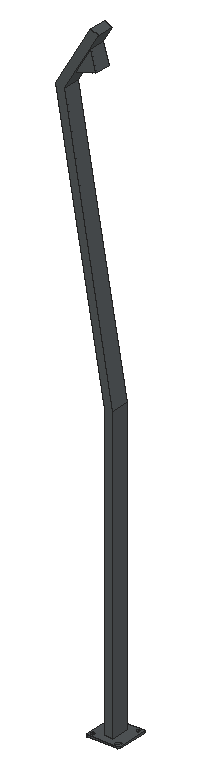
Revit family "Брейк", category Осветительные приборы, Revit 2019 (continued)
Types (3, lengths in mm): name | Файл фотометрической сетки | built-in parameter 1150105 | Lumens | built-in parameter 1150106 | built-in parameter 1150142 | Wattage | ADSK_Фактическая мощность | ADSK_Номинальная мощность | ADSK_Наименование | ADSK_Масса_Текст | ADSK_Масса | ADSK_Артикул | 60вт
  ДТУ159с1 Светодиодный светильник Брейк ДТУ-159-AF-30Вт-4.5 | "DTU-159-AF Break 30W 150х70 2700K.ies" | 262.61 (stored number, unit not read) | 3300 lm | 2.6261 (stored number, unit not read) | "IESNA:LM-63-1995\r\n[TEST]\t\tALF\r\n[MANUFAC]\tALFRESCO\r\n[LUMCAT]\tDTU-159-AF Break\r\n[LUMINAIRE]\tDTU-159-AF Break 30W 150?70 2700K\r\n[LAMP]\t\tLED Seoul Semiconductor љСWE\r\n[DATE]\t\tLDT Editor version 1.3.0.0 - DIAL GmbH (www.dial.de) on 20-07-2022\r\n[OTHER]\t\tEULUMDAT file: E:\\АРХИВ IES и 3d\\декоративные\\Брейк ДТУ-159\\DTU-159-AF\r\n Break 30W 150х70 2700K.ldt\r\nTILT=NONE\r\n1 3453.1 3.453 91 72 1 2 0.10 0.10 0.00\r\n1.0 1 28.8\r\n0.0 1.0 2.0 3.0 4.0 5.0 6.0 7.0 8.0 9.0 10.0 11.0 12.0 13.0 14.0 15.0 16.0 17.0 18.0 19.0 20.0 21.0 22.0 23.0 24.0 25.0 26.0 27.0\r\n 28.0 29.0 30.0 31.0 32.0 33.0 34.0 35.0 36.0 37.0 38.0 39.0 40.0 41.0 42.0 43.0 44.0 45.0 46.0 47.0 48.0 49.0 50.0 51.0 52.0 53.0\r\n 54.0 55.0 56.0 57.0 58.0 59.0 60.0 61.0 62.0 63.0 64.0 65.0 66.0 67.0 68.0 69.0 70.0 71.0 72.0 73.0 74.0 75.0 76.0 77.0 78.0 79.0\r\n 80.0 81.0 82.0 83.0 84.0 85.0 86.0 87.0 88.0 89.0 90.0\r\n0.0 5.0 10.0 15.0 20.0 25.0 30.0 35.0 40.0 45.0 50.0 55.0 60.0 65.0 70.0 75.0 80.0 85.0 90.0 95.0 100.0 105.0 110.0 115.0 120.0\r\n 125.0 130.0 135.0 140.0 145.0 150.0 155.0 160.0 165.0 170.0 175.0 180.0 185.0 190.0 195.0 200.0 205.0 210.0 215.0 220.0 225.0\r\n 230.0 235.0 240.0 245.0 250.0 255.0 260.0 265.0 270.0 275.0 280.0 285.0 290.0 295.0 300.0 305.0 310.0 315.0 320.0 325.0 330.0\r\n 335.0 340.0 345.0 350.0 355.0 360.0\r\n325.0 291.3 261.2 236.1 215.4 197.8 183.6 174.5 170.9 169.9 168.6 165.4 160.8 155.3 148.2 138.6 127.2 115.6 105.9 98.9 94.8 93.1\r\n 92.8 93.0 93.3 93.8 94.2 93.6 91.5 88.0 84.8 82.7 81.8 81.1 80.1 78.3 75.6 72.0 68.3 65.0 62.6 60.7 58.8 56.4 53.5 50.4 47.1 44.2\r\n 42.0 41.0 41.0 41.4 41.5 41.0 39.8 38.5 37.1 36.1 35.7 36.0 37.2 39.3 42.4 46.2 50.5 55.1 59.5 63.1 65.2 65.9 65.2 63.1 59.4 53.8\r\n 46.8 39.5 33.0 27.4 23.0 19.4 16.4 14.1 12.3 11.1 10.1 9.2 8.1 6.9 5.7 4.5 4.3\r\n325.0 291.3 262.8 240.5 221.6 203.8 188.1 177.2 172.0 169.9 168.0 165.2 161.3 156.8 150.2 141.2 130.2 118.8 108.5 100.8 96.1 94.1\r\n 93.8 93.9 93.7 93.2 92.6 91.5 89.4 86.7 84.3 82.9 82.3 81.5 80.3 78.1 75.3 71.6 67.8 64.4 61.8 59.7 57.6 55.2 52.3 49.3 46.3 43.8\r\n 42.1 41.3 41.3 41.5 41.5 40.9 39.8 38.6 37.5 36.8 36.5 36.8 37.8 39.5 42.0 45.3 49.4 53.8 58.2 61.8 64.2 65.1 64.5 62.4 58.6 53.0\r\n 46.3 39.3 32.9 27.4 22.9 19.3 16.4 14.2 12.5 11.3 10.4 9.5 8.4 7.1 5.9 4.9 3.3\r\n325.0 290.1 262.4 242.8 227.4 211.7 196.2 183.6 175.5 171.1 168.1 165.6 162.7 159.4 154.1 146.7 136.6 125.1 113.7 104.3 98.3 95.9\r\n 95.6 95.7 95.1 93.8 92.1 90.3 88.1 85.8 84.1 83.1 82.6 81.8 80.5 78.2 75.3 71.7 68.0 64.5 61.8 59.5 57.1 54.5 51.7 48.8 46.1 44.0\r\n 42.6 42.0 41.7 41.6 41.3 40.8 39.9 39.0 38.4 38.1 38.1 38.3 38.8 39.8 41.5 44.0 47.5 51.5 55.6 59.0 61.3 62.4 62.0 60.1 56.5 51.4\r\n 45.3 38.9 32.9 27.5 23.1 19.6 16.8 14.6 13.0 11.7 10.8 9.8 8.7 7.4 6.3 5.3 5.3\r\n325.0 288.2 260.0 242.1 230.6 219.1 206.1 192.8 181.9 174.5 169.9 167.1 164.6 162.2 158.3 152.8 144.1 132.9 120.3 109.2 101.6 98.2\r\n 97.5 97.5 96.7 94.9 92.5 90.0 87.5 85.4 83.8 83.0 82.5 81.6 80.2 77.8 75.0 71.5 68.2 65.0 62.3 59.7 57.1 54.3 51.4 48.6 46.2 44.4\r\n 43.2 42.3 41.7 41.2 40.7 40.1 39.4 38.8 38.5 38.6 38.9 39.0 39.1 39.3 40.1 41.8 44.5 47.8 51.2 54.1 56.4 57.7 57.7 56.2 53.3 49.0\r\n 43.8 38.2 32.7 27.6 23.3 20.0 17.3 15.1 13.4 12.1 11.1 10.2 9.1 7.9 6.7 5.7 4.7\r\n325.0 288.1 259.3 241.6 232.5 225.4 215.8 202.9 190.1 180.4 174.3 170.9 168.0 165.5 162.2 157.8 150.5 139.9 127.1 114.9 106.1\r\n 101.4 99.7 99.3 98.1 96.0 93.1 90.2 87.4 85.1 83.4 82.4 81.8 80.8 79.2 76.6 73.7 70.5 67.6 64.9 62.4 59.8 57.0 54.1 51.3 48.6\r\n 46.3 44.6 43.3 42.2 41.1 40.0 39.0 38.2 37.4 36.8 36.6 36.9 37.4 37.5 37.3 37.1 37.2 38.2 39.9 42.1 44.6 47.1 49.3 50.8 51.4 50.6\r\n 48.6 45.5 41.5 36.8 31.9 27.2 23.2 20.0 17.5 15.3 13.7 12.4 11.4 10.4 9.4 8.3 7.2 6.2 4.7\r\n325.0 290.3 261.7 243.0 234.4 229.7 223.1 211.7 198.8 188.3 181.6 177.4 173.4 169.6 165.7 161.5 155.1 145.6 133.7 121.8 112.2\r\n 106.1 103.0 101.6 99.8 97.2 93.8 90.5 87.4 85.0 83.1 81.9 81.1 80.0 78.0 75.0 71.7 68.5 65.9 63.7 61.6 59.2 56.5 53.8 51.0 48.5\r\n 46.3 44.6 43.0 41.5 39.9 38.2 36.8 35.5 34.5 33.6 33.2 33.3 33.6 33.8 33.5 33.0 32.8 33.1 33.9 35.2 36.7 38.6 40.8 42.5 43.6 43.5\r\n 42.5 40.5 37.8 34.1 29.9 25.8 22.3 19.4 17.1 15.1 13.5 12.2 11.3 10.4 9.5 8.5 7.5 6.5 6.7\r\n325.0 295.3 268.7 249.0 238.8 234.1 228.4 218.3 206.4 196.8 190.2 185.3 179.9 174.5 169.5 164.8 158.8 150.5 140.3 129.5 119.8\r\n 112.5 108.0 105.4 102.9 99.6 95.4 91.4 88.0 85.3 83.1 81.8 80.9 79.7 77.3 73.8 69.9 66.5 64.0 62.0 60.2 58.0 55.6 53.1 50.7 48.5\r\n 46.4 44.6 42.8 40.8 38.6 36.4 34.5 33.0 31.6 30.4 29.6 29.2 29.2 29.1 28.6 28.1 27.7 27.6 27.8 28.3 29.1 30.4 32.1 33.7 34.9 35.2\r\n 35.0 34.1 32.3 29.7 26.5 23.2 20.4 18.1 16.1 14.4 12.9 11.8 10.9 10.2 9.3 8.4 7.5 6.8 5.4\r\n325.0 301.2 277.7 257.8 245.7 239.0 232.7 223.2 212.5 203.6 197.1 191.4 185.2 179.2 173.7 168.9 163.1 156.0 147.6 138.2 128.9\r\n 120.9 115.4 111.7 108.3 103.9 98.7 93.8 89.7 86.6 84.2 82.9 81.9 80.6 77.9 74.0 69.7 66.0 63.3 61.2 59.3 57.1 54.7 52.4 50.4 48.5\r\n 46.7 44.8 42.7 40.4 37.9 35.5 33.4 31.6 30.0 28.5 27.2 26.4 25.8 25.2 24.5 23.9 23.4 23.2 23.0 23.0 23.3 23.9 24.9 26.0 26.8 27.2\r\n 27.3 27.0 26.0 24.3 22.0 19.7 17.7 16.1 14.7 13.3 12.1 11.1 10.4 9.7 9.0 8.1 7.3 6.5 7.2\r\n325.0 306.2 286.4 267.6 254.4 245.2 237.3 227.4 216.8 207.7 200.3 193.9 187.8 182.8 178.1 173.7 168.4 162.3 155.1 147.2 138.9\r\n 131.3 125.4 120.9 116.4 110.9 104.7 99.0 94.2 90.6 87.9 86.4 85.2 83.7 80.6 76.5 72.1 68.4 65.4 62.8 60.2 57.4 54.7 52.5 50.7\r\n 49.2 47.5 45.6 43.3 40.8 38.2 35.8 33.6 31.7 29.9 28.2 26.7 25.5 24.4 23.4 22.4 21.5 20.9 20.5 20.3 20.0 19.8 19.9 20.1 20.5 20.7\r\n 20.8 20.8 20.6 20.1 19.0 17.5 16.1 14.9 13.9 13.1 12.1 11.2 10.5 9.9 9.3 8.6 7.8 6.9 6.0 4.7\r\n325.0 307.2 289.7 273.3 260.8 250.5 241.4 231.1 220.3 210.1 201.0 193.9 188.6 185.3 182.2 178.9 174.2 168.8 162.6 156.2 149.4\r\n 143.1 137.6 132.5 127.1 120.8 113.9 107.8 102.7 98.9 95.9 94.1 92.6 90.5 87.0 82.7 78.3 74.6 71.3 67.9 64.3 60.4 57.1 54.7 53.1\r\n 51.8 50.2 48.1 45.6 42.9 40.3 38.0 35.8 33.8 31.9 30.2 28.6 27.3 25.9 24.5 23.0 21.8 20.9 20.3 19.9 19.4 18.9 18.5 18.1 17.8 17.5\r\n 17.1 16.7 16.4 16.0 15.2 14.3 13.4 12.7 12.2 11.7 11.1 10.6 10.0 9.6 9.1 8.5 7.6 6.7 5.6 4.0\r\n325.0 302.8 284.7 271.3 261.7 252.6 243.8 234.1 223.9 213.1 202.9 194.9 190.0 187.7 186.0 183.7 179.9 175.3 170.1 165.0 160.2\r\n 155.6 150.8 145.8 139.9 133.4 126.7 120.8 116.0 112.4 109.6 107.4 105.3 102.6 98.8 94.3 89.9 85.9 82.2 77.9 73.1 68.2 64.2 61.5\r\n 60.0 58.7 57.1 54.8 52.0 48.9 46.1 43.7 41.5 39.5 37.5 35.9 34.5 33.3 31.9 30.2 28.3 26.6 25.2 24.2 23.4 22.6 21.7 20.9 20.1 19.3\r\n 18.3 17.2 16.3 15.5 14.8 14.1 13.3 12.5 11.9 11.5 11.1 10.6 10.2 9.9 9.6 9.1 8.5 7.6 6.7 6.0 4.4\r\n325.0 293.9 272.5 262.0 257.3 251.9 245.2 237.3 228.9 219.1 208.8 199.9 194.3 191.5 190.1 188.3 185.6 181.9 178.1 174.5 171.3\r\n 168.0 164.2 159.8 154.5 148.8 142.8 137.5 133.4 130.4 128.0 125.9 123.5 120.6 116.9 112.6 108.2 103.8 99.4 94.4 88.9 83.4 79.1\r\n 76.2 74.6 73.3 71.7 69.3 66.1 62.8 59.6 56.9 54.5 52.5 50.7 49.3 48.3 47.3 46.0 44.3 42.2 40.0 38.0 36.2 34.6 33.0 31.5 30.2 29.0\r\n 27.7 26.0 24.0 21.9 20.0 18.4 17.0 15.5 14.1 13.0 12.1 11.4 10.9 10.4 10.0 9.7 9.3 8.6 7.8 7.0 6.6 8.1\r\n325.0 284.5 259.4 251.7 252.4 251.8 247.8 242.1 236.2 228.3 218.9 209.2 202.4 198.1 196.0 194.0 192.1 189.7 187.6 185.3 183.1\r\n 180.5 177.5 174.3 170.6 166.6 161.9 157.7 154.2 151.8 149.9 148.2 146.3 143.9 141.1 137.5 133.5 129.1 124.3 118.9 113.2 107.8\r\n 103.7 101.0 99.4 98.2 96.7 94.6 91.7 88.5 85.2 82.4 80.0 78.0 76.3 75.1 74.4 73.9 73.0 71.5 69.3 66.8 64.1 61.4 58.6 55.8 53.3\r\n 51.3 49.6 47.7 45.1 41.6 37.5 33.4 29.6 26.0 22.5 19.3 16.7 14.7 13.2 12.0 11.1 10.5 10.0 9.4 8.8 7.9 7.1 6.6 7.4\r\n325.0 279.4 252.4 247.2 252.4 255.8 254.5 250.5 246.5 240.3 231.9 221.9 213.8 207.9 204.6 201.9 200.3 199.1 198.7 197.8 196.3\r\n 193.9 191.6 189.9 188.6 186.7 183.9 180.6 177.6 175.4 173.9 172.8 171.9 170.8 169.3 167.1 164.1 160.3 155.8 150.7 145.6 141.2\r\n 137.9 135.9 134.6 134.0 133.3 132.2 130.5 128.3 125.8 123.3 121.0 119.2 117.5 116.4 115.8 115.7 115.4 114.5 112.6 109.9 106.6\r\n 102.9 98.8 94.7 91.0 88.3 86.2 83.9 80.3 74.8 67.9 60.1 52.3 44.3 36.8 29.9 24.3 19.9 16.6 14.1 12.4 11.3 10.4 9.7 8.9 8.0 7.1\r\n 6.0 3.9\r\n325.0 279.0 252.5 248.5 256.3 262.4 263.6 261.1 258.3 253.2 246.1 236.8 228.3 221.3 216.4 212.7 211.0 210.6 211.6 211.8 210.9\r\n 209.0 207.7 207.9 208.9 209.5 208.6 206.5 204.0 201.9 200.5 199.9 199.9 200.0 200.1 199.5 198.0 195.4 191.9 188.1 184.6 182.0\r\n 180.1 179.2 178.9 179.5 180.4 181.1 181.3 180.9 179.9 178.6 176.9 175.1 173.4 171.9 171.2 171.4 171.9 171.8 170.4 167.9 164.5\r\n 160.2 155.2 150.2 146.0 143.2 141.5 139.2 134.8 127.1 116.5 103.7 89.6 75.0 60.7 47.8 37.0 28.5 22.1 17.5 14.4 12.5 11.1 10.1 9.1\r\n 8.2 7.2 6.0 3.1\r\n325.0 282.1 256.9 252.6 260.8 268.8 272.8 272.3 270.5 266.3 260.4 252.6 244.6 236.9 230.5 225.7 223.7 223.9 225.7 226.9 227.1\r\n 226.4 226.8 228.9 232.2 234.9 236.0 235.3 233.7 231.8 230.5 230.1 230.6 231.8 233.3 234.5 234.6 233.4 231.6 230.0 229.1 229.1\r\n 229.4 230.0 231.3 233.6 236.4 239.1 241.1 242.6 243.4 243.5 242.7 241.2 239.0 237.0 235.8 236.3 237.6 238.6 238.2 236.4 233.4\r\n 229.4 224.6 219.9 216.7 215.5 215.3 213.9 209.0 199.1 184.2 165.0 142.8 118.9 95.3 73.8 55.5 41.0 30.0 22.3 17.3 14.2 12.3 10.9\r\n 9.7 8.6 7.6 6.5 6.8\r\n325.0 286.0 261.6 255.6 262.7 272.1 279.0 281.0 280.1 276.8 272.5 267.1 260.6 253.0 246.0 240.8 238.7 239.1 241.1 242.8 244.1\r\n 245.4 248.1 252.3 257.5 261.9 264.8 265.9 265.9 265.1 264.3 264.0 265.1 267.4 270.5 273.5 275.1 275.4 275.4 276.5 279.0 282.3\r\n 285.3 288.0 290.9 294.9 299.2 303.2 306.3 308.9 311.1 312.5 312.4 310.9 308.1 305.4 303.8 304.7 307.1 309.5 310.5 310.1 308.4\r\n 305.7 302.6 300.3 300.1 302.3 305.0 305.2 300.0 287.8 267.7 241.0 208.8 173.8 138.8 106.4 78.7 56.4 39.8 28.3 21.0 16.7 14.1 12.4\r\n 10.9 9.6 8.4 7.4 6.2\r\n325.0 290.7 267.3 259.5 264.4 274.4 283.1 287.0 286.7 283.7 280.4 277.0 272.7 267.0 261.1 256.9 255.6 256.2 257.9 259.6 262.1\r\n 265.5 270.6 276.6 282.9 288.3 292.7 295.9 298.0 299.2 299.8 300.7 303.0 306.9 312.0 316.8 319.8 321.4 323.2 327.3 333.5 340.6\r\n 346.6 351.3 355.6 360.4 365.2 369.1 372.0 374.6 377.1 379.3 379.7 378.2 374.8 371.4 369.8 371.2 374.9 379.0 381.9 383.3 383.4\r\n 382.8 382.5 384.0 388.4 395.2 401.6 404.1 398.9 384.0 358.4 323.3 280.5 233.7 186.4 142.4 104.2 73.5 50.7 35.3 25.6 20.0 16.6\r\n 14.4 12.5 11.0 9.7 8.5 6.2\r\n325.0 294.5 272.3 263.1 265.7 274.8 283.6 288.1 287.9 285.3 282.8 281.4 280.2 278.1 275.7 274.0 274.1 275.0 276.3 277.7 280.8\r\n 285.7 292.6 299.8 306.7 312.8 318.4 323.3 327.5 330.9 333.9 337.3 341.9 348.4 355.6 362.2 366.5 369.3 372.6 379.2 388.6 399.2\r\n 408.1 414.7 419.7 424.2 428.0 430.6 432.1 433.6 435.7 438.1 438.9 437.5 433.5 429.7 428.1 430.4 435.4 441.1 445.5 448.5 450.3\r\n 452.0 454.8 460.2 469.3 480.6 490.8 495.5 490.4 473.2 442.5 399.7 347.2 289.6 231.3 176.5 128.7 90.1 61.6 42.4 30.5 23.6 19.4\r\n 16.6 14.4 12.5 11.0 10.0 10.2\r\n325.0 295.7 273.8 264.1 265.0 272.5 279.9 284.4 284.9 283.2 281.8 282.5 284.9 287.5 289.6 291.1 292.8 294.3 295.7 297.3 300.7\r\n 306.1 313.5 321.3 328.9 335.8 342.3 348.2 353.6 358.8 364.5 371.0 378.9 388.2 397.7 405.9 411.3 415.1 419.6 427.7 438.9 451.4\r\n 462.3 470.2 475.4 478.7 480.6 480.8 479.9 479.3 480.3 482.8 484.3 483.3 479.2 475.0 473.4 476.0 481.4 487.5 492.5 496.1 499.0\r\n 502.1 506.9 514.8 526.6 540.7 553.1 559.3 554.5 536.0 502.0 454.2 395.3 330.6 264.7 202.4 147.7 103.3 70.5 48.3 34.7 26.7 21.9\r\n 18.6 15.9 13.7 12.1 11.3 11.2\r\n325.0 293.0 269.7 259.7 259.9 266.0 272.2 276.8 278.9 279.5 280.7 284.2 290.2 297.1 303.1 307.3 310.3 312.6 314.6 316.8 320.2\r\n 325.2 332.3 340.7 349.5 357.9 365.5 372.0 377.6 383.8 391.3 400.7 411.4 423.3 434.6 444.3 450.6 455.1 459.9 467.7 478.4 490.7\r\n 501.9 510.3 515.6 517.9 518.0 515.6 512.0 508.9 508.2 510.2 512.1 511.6 507.6 503.1 500.8 502.6 506.8 511.4 514.7 517.3 519.8\r\n 523.0 528.0 535.9 547.2 560.7 572.5 578.1 573.0 554.3 520.0 471.4 411.2 344.6 276.6 212.2 155.3 109.0 74.6 51.2 36.8 28.2 23.1\r\n 19.5 16.7 14.3 12.4 11.1 12.8\r\n325.0 288.5 263.1 253.2 254.3 260.5 266.3 271.1 274.6 277.9 282.2 288.9 297.9 307.4 315.5 321.4 325.3 328.5 331.5 334.5 337.7\r\n 342.0 348.5 357.4 367.9 378.6 388.0 395.4 401.3 407.6 415.9 426.6 438.7 451.8 464.2 474.9 482.2 487.0 491.2 497.0 505.1 514.5\r\n 523.9 531.5 536.7 538.8 538.0 534.1 528.2 522.3 519.2 519.4 520.5 519.8 515.5 510.2 506.4 505.6 506.4 506.9 506.3 505.7 505.8\r\n 507.4 510.2 515.3 522.7 531.6 539.2 541.7 535.3 517.2 485.4 440.5 384.7 322.7 259.3 199.3 146.5 103.5 71.3 49.3 35.5 27.3 22.4\r\n 19.0 16.3 13.9 11.8 10.1 7.3\r\n325.0 285.9 259.8 251.1 254.3 261.6 267.4 271.4 274.7 279.4 286.6 296.3 307.1 317.6 326.4 333.2 338.2 342.3 345.7 348.8 351.7\r\n 355.4 361.4 370.6 382.5 395.4 407.4 416.9 424.0 430.5 438.3 448.2 459.6 472.2 484.7 495.9 504.1 509.2 512.3 515.3 519.3 524.3\r\n 529.8 535.0 539.1 541.2 540.8 536.6 529.5 521.3 514.8 511.2 509.0 505.7 499.6 492.4 485.8 481.0 476.6 471.5 465.3 459.6 455.5\r\n 453.5 452.6 453.0 454.3 456.3 457.2 454.7 446.1 429.2 402.1 364.7 318.3 266.6 213.9 164.5 121.5 86.7 60.6 42.5 31.1 24.2 20.0\r\n 17.1 14.7 12.6 10.5 8.3 5.9\r\n325.0 286.7 262.3 256.5 262.8 272.1 277.6 279.1 280.2 284.3 293.0 304.3 316.0 326.5 335.3 343.0 349.1 354.1 358.0 361.2 364.0\r\n 367.3 372.6 381.0 392.8 406.8 421.0 433.1 442.5 449.9 457.0 464.9 474.0 484.6 495.9 506.9 515.4 520.7 522.8 523.3 523.2 523.3\r\n 523.8 524.6 525.8 526.7 526.0 521.9 514.1 503.7 493.3 484.2 476.0 467.7 457.9 447.4 436.9 427.4 417.5 406.8 395.0 384.0 375.1\r\n 368.7 363.6 359.0 354.4 349.8 344.4 337.3 327.0 312.2 291.2 263.4 229.1 191.2 152.9 117.8 87.9 64.0 46.0 33.3 25.1 20.0 16.8 14.5\r\n 12.6 10.7 8.9 7.1 4.4\r\n325.0 290.3 269.2 266.2 275.4 286.3 291.5 290.4 288.7 291.2 300.1 311.8 323.3 333.0 341.8 350.3 358.0 364.4 369.4 373.4 376.7\r\n 379.9 384.1 390.5 400.4 413.2 427.9 442.0 453.7 462.5 469.2 475.2 481.8 489.8 499.0 508.4 515.8 520.5 521.7 520.2 516.7 512.3\r\n 507.4 502.9 499.2 496.4 493.3 487.8 478.7 466.2 451.9 437.1 422.3 407.9 393.2 378.8 364.6 351.1 337.3 322.8 307.5 293.0 280.4\r\n 270.5 262.3 254.4 246.4 238.0 229.3 220.0 209.9 198.2 183.8 165.6 143.6 119.4 95.6 74.4 57.0 43.2 32.8 25.1 19.9 16.5 14.1 12.2\r\n 10.6 9.1 7.6 5.9 4.9\r\n325.0 295.3 277.4 275.9 286.0 297.7 303.3 301.3 298.2 299.6 307.9 318.8 329.2 337.7 345.9 354.7 363.8 372.3 379.8 386.1 391.1\r\n 394.7 398.0 401.9 408.3 417.7 430.4 444.1 456.9 466.6 473.6 479.1 484.3 490.0 496.2 502.2 506.6 509.0 508.2 504.6 498.0 489.7\r\n 480.0 470.0 460.4 452.0 444.1 435.1 423.4 408.6 391.0 372.1 352.7 333.9 315.9 298.9 282.5 266.9 251.6 236.4 220.8 205.6 192.1\r\n 180.9 171.5 162.9 154.3 145.5 136.8 128.2 120.0 111.9 103.3 93.1 81.0 67.9 55.4 44.8 36.5 29.9 24.7 20.5 17.3 14.8 12.8 11.1 9.6\r\n 8.3 7.0 5.7 2.0\r\n325.0 301.4 286.1 283.6 291.5 302.5 309.0 308.7 307.0 308.6 316.3 325.8 334.6 341.4 348.3 356.7 366.8 377.8 388.6 398.2 405.8\r\n 410.8 413.9 415.8 418.5 423.6 432.5 443.7 455.2 464.4 471.2 476.5 481.2 485.2 488.0 489.5 489.2 487.5 483.1 476.2 466.1 454.0\r\n 440.1 425.5 410.5 396.5 383.2 370.1 355.5 338.6 319.4 299.0 278.3 258.7 240.4 223.4 207.1 191.9 177.8 164.3 150.8 137.5 125.2\r\n 114.8 106.4 98.9 91.8 84.7 77.9 71.5 65.9 61.0 56.6 51.8 46.2 40.2 34.8 30.4 27.1 24.5 22.0 19.5 17.1 14.8 12.8 11.1 9.7 8.4 7.2\r\n 5.9 5.7\r\n325.0 308.7 296.1 291.4 295.2 303.8 310.7 313.2 314.1 317.2 324.7 333.2 340.7 345.9 351.3 358.8 369.4 382.3 395.9 408.5 418.8\r\n 426.0 429.8 430.8 430.8 432.1 436.9 444.5 453.0 459.9 465.3 469.4 472.8 474.5 473.6 470.3 464.7 458.0 449.2 438.2 424.1 408.3\r\n 390.9 372.9 354.3 336.4 319.6 303.8 287.2 269.4 250.1 230.6 211.6 194.3 178.4 163.7 149.6 136.6 124.8 114.0 103.5 93.0 83.2 74.9\r\n 68.2 62.6 57.5 52.5 47.8 43.4 39.9 37.3 35.3 33.4 31.2 28.9 26.9 25.5 24.5 23.4 22.0 20.1 17.9 15.6 13.5 11.8 10.3 9.0 7.8 6.8\r\n 6.0\r\n325.0 315
